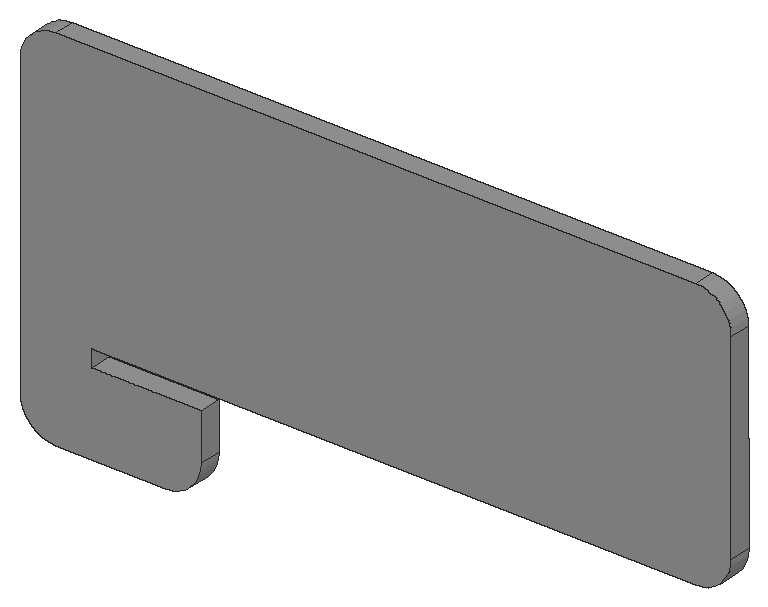
Revit family "Return Screen", category Furniture, Revit 2019
Family settings
  OmniClass Number = 23.40.20.00
  OmniClass Title = General Furniture and Specialties
  Work Plane-Based = No
  Always vertical = Yes
  Cut with Voids When Loaded = No
  Shared = No
  Room Calculation Point = No
Parameters (values of type "1000 x 380 High Return Screen")
  Width = 1000 mm
  URL = "www.gof.co.uk"
  Screen = GABRIEL Byron_11101
  Range = "SCREENS"
  Product Data Specification = "https://gof.co.uk/wp-content/uploads/2018/03/Mirage-Lite-Product-Specfication-Sheets.pdf"
  Product Code = "ML1004-R"
  Product Brochure = ""
  Model = "MIRAGE LITE"
  Manufacturer = "Gresham Office Furniture"  # constant formula
  Assembly Code = "E2020200"
Types (4, lengths in mm): name | Width | Product Code
  (no name) | 1000 | "ML1004-R"
  1000 x 380 High Return Screen | 1000 | "ML1004-R"
  800 x 380 High Return Screen | 800 | "ML0804-R"
  600 x 380 High Return Screen | 600 | "ML0604-R"
Reference planes
  plane 1 "Center (Front/Back)": y = 0
  plane 2: z = 0
  plane 3 "Center (Left/Right)": x = 0
  plane 4: x = 500
  plane 5: x = -500
  plane 6 "Desk High": z = 727
Forms (mm)
  Extrusion 1, solid, material "GABRIEL Byron_11101" <- "Screen"
    sketch origin (0, 0.307, 20) x (1, 0, 0) y (0, 0, 1)
      loop
        line (450, 1087) -> (-450, 1087)
        arc (-450, 1087) -> (-485.355, 1072.355) -> (-500, 1037) r 50
        line (-500, 1037) -> (-500, 617)
        arc (-500, 617) -> (-485.355, 581.645) -> (-450, 567) r 50
        line (-450, 567) -> (-295, 567)
        arc (-295, 567) -> (-259.645, 581.645) -> (-245, 617) r 50
        line (-245, 617) -> (-245, 682.951) -> (-400, 682.951) -> (-400, 707) -> (450, 707)
        arc (450, 707) -> (485.355, 721.645) -> (500, 757) r 50
        line (500, 757) -> (500, 1037)
        arc (500, 1037) -> (485.355, 1072.355) -> (450, 1087) r 50
    from -14.693 to 15.307
Dimensions and locks
  locked: plane 6 "Desk High" to level at 727
  Extrusion 1 to plane 6 "Desk High" = 380 mm
  equal spacing: Extrusion 1, plane 1 "Center (Front/Back)", Extrusion 1
  Extrusion 1 to Extrusion 1 = 520 mm
  equal spacing: plane 5, plane 3 "Center (Left/Right)", plane 4
  "Width": plane 5 to plane 4
  locked: Extrusion 1 to plane 5 at 255
  Extrusion 1 to Extrusion 1 = 155 mm
  aligned and locked: level to plane 2
  aligned and locked: plane 4 to Extrusion 1
  aligned and locked: Extrusion 1 to plane 5
Automatic sketch dimensions
  Extrusion 1 sketch curve to plane 5 = 0 mm
  Extrusion 1 sketch curve to plane 6 "Desk High" = 0 mm
  Extrusion 1 sketch curve to plane 4 = 0 mm
  plane 5 to Extrusion 1 sketch curve = 50 mm  (x2)
  Extrusion 1 sketch curve to Extrusion 1 sketch curve = 50 mm  (x3)
  Extrusion 1 sketch curve to Extrusion 1 sketch curve = 105 mm
  Extrusion 1 sketch curve to plane 4 = 50 mm
  Extrusion 1 sketch curve to plane 6 "Desk High" = 24.049 mm
  Extrusion 1 sketch curve to Extrusion 1 sketch curve = 65.951 mm
  Extrusion 1 sketch curve to Extrusion 1 sketch curve = 280 mm
